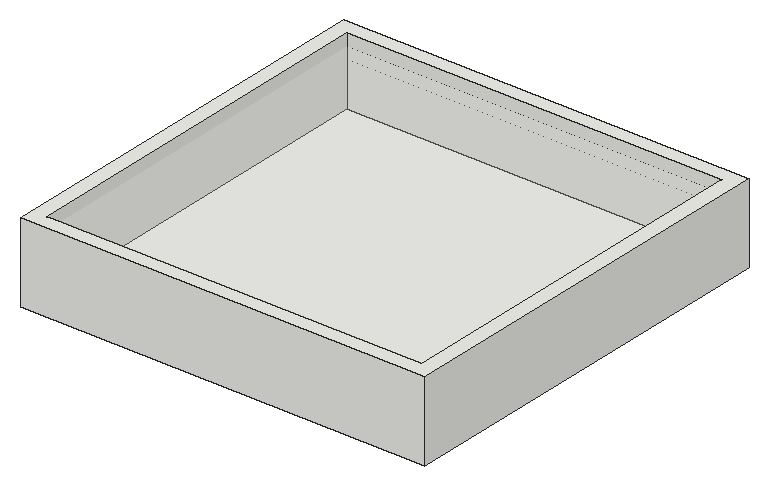
Revit family "M_Luminária embutida - Retângulo - LED", category Luminárias, Revit 2019
Family settings
  Hospedeiro = Face
  Cota do conector redondo = Utilizar diâmetro
  Tipo de parte = Normal
  Número OmniClass = 23.80.70.11.14.11
  Título OmniClass = Downlights
  Corte com vazios quando carregada = Não
  Fonte luminosa = Sim
  Compartilhado = Não
  Ponto de cálculo do ambiente = Não
Parameters (values of type "Quadrado 18 W")
  Largura = 610 mm
  Wattage = 18 W
  built-in parameter 1150110 = 1 (stored number, unit not read)
  Voltagem = 120 V
  built-in parameter 1114217 = 1 (stored number, unit not read)
  Tilt Angle = 90.00°
  built-in parameter 1150109 = 1 (stored number, unit not read)
  built-in parameter 1150134 = 3
  built-in parameter 1150113 = 1 (stored number, unit not read)
  Arquivo de rede fotométrica = "2ACLX2_20L.ies"
  Número de pólos = 1
  built-in parameter 1150105 = 212.77 (stored number, unit not read)
  Lumens = 2673.76 lm
  built-in parameter 1150115 = 1 (stored number, unit not read)
  Classificação de carga = Iluminação - Unidade de interrupção
  built-in parameter 1150137 = (empty or 0)
  built-in parameter 1150139 = (empty or 0)
  Material de sombra = Metal - Acabamento pintado - Marfim, Brilho
  Comprimento = 610 mm
  built-in parameter 1150112 = 1 (stored number, unit not read)
  built-in parameter 1150114 = 1 (stored number, unit not read)
  Lâmpada = "LED"
  built-in parameter 1150132 = (empty or 0)
  built-in parameter 1150102 = (empty or 0)
  built-in parameter 1150107 = 3200 (stored number, unit not read)
  built-in parameter 1150138 = (empty or 0)
  built-in parameter 1150106 = 2.1277 (stored number, unit not read)
  Emit from Rectangle Width = Comprimento - 19.05 mm  # 590.95 mm
  Emit from Rectangle Length = Largura - 19.05 mm  # 590.95 mm
  Emitir forma visível na renderização = no
  built-in parameter 1150104 = 13.8 (stored number, unit not read)
  Troca de temperatura da cor de lâmpada com esmaecimento = <Nenhum>
  Material do difusor = Vidro - Branco. Alta luminosidade
  Linear = 120 mm
  Elevação-padrão = 1200 mm
  Color Filter = 16777215
  built-in parameter 1114218 = 1 (stored number, unit not read)
  built-in parameter 1150133 = 10 (stored number, unit not read)
  Apparent Load = 0 VA
Reference planes
  plane 1 "Centro (Frente/Trás)": y = 0
  plane 2: z = 0
  plane 3 "Centro (Esquerda/Direita)": x = 0
  plane 4: x = -305
  plane 5: x = 305
  plane 6: y = 305
  plane 7: y = -305
  plane 8: x = -282.775
  plane 9: x = 282.775
  plane 10: y = 282.775
  plane 11: y = -282.775
  plane 12: z = 120
  plane 13: z = 17.072
  plane 14: z = 84.736
  plane 15: z = 102.368
Forms (mm)
  Extrusion 1, solid, material "Metal - Acabamento pintado - Marfim, Brilho" <- "Material de sombra", detail levels medium+fine
    sketch origin (-3692.525, 2600.325, 0) x (1, 0, 0) y (0, 1, 0)
      loop
        line (3557.903, -2393.207) -> (3557.903, -2807.443) -> (3827.147, -2807.443) -> (3827.147, -2393.207) -> (3557.903, -2393.207)
    from 0 to -19.346
  Extrusion 2, solid, material "Metal - Acabamento pintado - Marfim, Brilho" <- "Material de sombra", detail levels medium+fine
    sketch origin (0, 0, 0) x (1, 0, 0) y (0, 1, 0)
      loop
        line (-305, 305) -> (-305, -305) -> (305, -305) -> (305, 305) -> (-305, 305)
    from 0 to 120
  Extrusion 3, void
    sketch origin (0, 0, 0) x (1, 0, 0) y (0, 1, 0)
      loop
        line (-282.775, 282.775) -> (-282.775, -282.775) -> (282.775, -282.775) -> (282.775, 282.775) -> (-282.775, 282.775)
    from 17.072 to 120
  Extrusion 4, solid, material "Vidro - Branco. Alta luminosidade" <- "Material do difusor", detail levels medium+fine
    sketch origin (0, 0, 0) x (1, 0, 0) y (0, 1, 0)
      loop
        line (-282.775, 282.775) -> (-282.775, -282.775) -> (282.775, -282.775) -> (282.775, 282.775) -> (-282.775, 282.775)
    from 84.736 to 102.368
Cuts and joins
  Extrusion 3 cuts Extrusion 2
Lines and regions (mm)
  symbolic lines, detail levels coarse
    curve 1: line (-305, 305, 0) -> (305, 305, 0)
    curve 2: line (-305, -305, 0) -> (-305, 305, 0)
    curve 3: line (305, -305, 0) -> (-305, -305, 0)
    curve 4: line (305, 305, 0) -> (305, -305, 0)
Dimensions and locks
  "Comprimento": plane 4 to plane 5
  equal spacing: plane 4, plane 3 "Centro (Esquerda/Direita)", plane 5
  "Largura": plane 6 to plane 7
  equal spacing: plane 6, plane 1 "Centro (Frente/Trás)", plane 7
  equal spacing: plane 10, plane 1 "Centro (Frente/Trás)", plane 11
  equal spacing: plane 8, plane 3 "Centro (Esquerda/Direita)", plane 9
  "Linear": plane 2 to plane 12
  equal spacing: plane 14, plane 15, plane 12
  locked: plane 4 to plane 8 at 22.225
  plane 9 to plane 5 = 22.225 mm
  locked: plane 6 to plane 10 at 22.225
  aligned and locked: plane 2 to Extrusion 1
  aligned and locked: level to Extrusion 1
  aligned and locked: Extrusion 2 sketch curve to plane 6
  aligned and locked: plane 4 to Extrusion 2 sketch curve
  aligned and locked: plane 7 to Extrusion 2 sketch curve
  aligned and locked: Extrusion 2 sketch curve to plane 5
  aligned and locked: Extrusion 2 to plane 2
  aligned and locked: plane 12 to Extrusion 2
  aligned and locked: Extrusion 3 sketch curve to plane 10
  aligned and locked: plane 8 to Extrusion 3 sketch curve
  aligned and locked: plane 11 to Extrusion 3 sketch curve
  aligned and locked: Extrusion 3 sketch curve to plane 9
  aligned and locked: cut or joined group of Extrusion 2, Extrusion 3 to plane 13
  aligned and locked: plane 12 to cut or joined group of Extrusion 2, Extrusion 3
  aligned and locked: Extrusion 4 sketch curve to cut or joined group of Extrusion 2, Extrusion 3  (x4)
  aligned and locked: Extrusion 4 to plane 14
  aligned and locked: plane 15 to Extrusion 4
  aligned and locked: imposter light to plane 14
  aligned and locked: plane 3 "Centro (Esquerda/Direita)" to imposter light
  aligned and locked: curve 1 to plane 6
  aligned and locked: plane 4 to curve 2
  aligned and locked: plane 7 to curve 3
  aligned and locked: curve 4 to plane 5
Automatic sketch dimensions
  Extrusion 1 sketch curve to Extrusion 1 sketch curve = 414.237 mm
  Extrusion 1 sketch curve to Extrusion 1 sketch curve = 269.245 mm
Connectors
  electrical at (0, 0, -19.346), driven by "Classificação de carga", driven by "Voltagem", driven by "Apparent Load"
    settings: on Extrusion 1, index 1, voltage 120 V, apparent load 0 VA, apparent load phase1 0 VA, apparent load phase2 0 VA, apparent load phase3 0 VA, power factor 0.95, load classification "Iluminação - Unidade de interrupção", number of poles 1, system type 31, power factor state 1, is connector primary yes, connector utility no, sub classification motor no, connector description ""
Types in the file's own list only (6): name | Largura | Ângulo de inclinação | Arquivo de rede fotométrica | Comprimento | Emitir da largura do retângulo | Emitir do comprimento do retângulo | Emitir forma visível na renderização | Filtro de cor | Carga aparente
  Retângulo 25 W | 15748 mm | 90.00° | "2ACLX4_30L.ies" | 31496 mm | 31477 mm | 15729 mm | Não | 16777215 | 0 VA
  Quadrado 29 W | 15748 mm | 90.00° | "2ACLX2_33L.ies" | 15748 mm | 15729 mm | 15729 mm | Não | 16777215 | 0 VA
  Quadrado 35 W | 15748 mm | 90.00° | "2ACLX2_40L.ies" | 15748 mm | 15729 mm | 15729 mm | Não | 16777215 | 0 VA
  Retângulo 40 W | 15748 mm | 90.00° | "2ACLX4_48L.ies" | 31496 mm | 31477 mm | 15729 mm | Não | 16777215 | 0 VA
  Retângulo 47 W | 15748 mm | 90.00° | "2ACLX4_60L.ies" | 31496 mm | 31477 mm | 15729 mm | Não | 16777215 | 0 VA
  Retângulo 68 W | 15748 mm | 90.00° | "2ACLX4_72L.ies" | 31496 mm | 31477 mm | 15729 mm | Não | 16777215 | 0 VA
